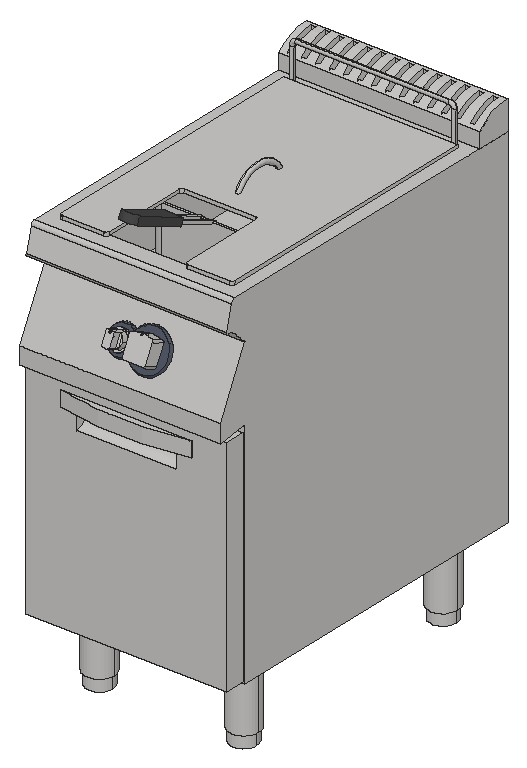
Revit family "QF_ZANUSSI_372070_Z7FRGD1GF0", category Specialty Equipment, Revit 2018
Family settings
  Round Connector Dimension = Use Diameter
  Part Type = Normal
  Work Plane-Based = No
  Always vertical = Yes
  Cut with Voids When Loaded = No
  Shared = No
  Room Calculation Point = No
Parameters
  Width = 400 mm  # constant formula
  Weight in Pounds = 121  # constant formula
  Weight = 0.00 kg
  Watts = 0 W
  Volts = 0 V
  URL Manufacturer = "http://www.zanussiprofessional.com"
  URL Cutsheet = "www.electrolux.com/foodservice"
  URL = "http://www.zanussiprofessional.com"
  Type Mark [instance] = ""
  Steam Supply Size = 0"
  Steam Supply Minimum Pressure = 0.00 psi
  Steam Supply Maximum Pressure = 0.00 psi
  Steam Pounds per Hour = 0
  Status [instance] = ""
  Specification by User [instance] = ""
  Specification by Manufacturer = ""
  Show Logo [instance] = yes
  Show Clearance [instance] = yes
  Serial Number = ""
  Seismic Rating = ""
  SMACNA No = ""
  Revision Code [instance] = ""
  Refrigeration Suction Line Size = 0"
  Refrigeration Liquid Line Size = 0"
  Refrigerant Compressor Remote = yes
  Phase = 0
  Omniclass Number and Title = ""
  NAFEM Spec ID Number = ""
  Model = "Z7FRGD1GF0"
  Mechanical Remarks [instance] = ""
  Mechanical Connection Type [instance] = ""
  Masterspec = ""
  Manufacturer = "Zanussi"
  Length Actual = 400 mm  # constant formula
  Item Number [instance] = "372070"
  Installed By [instance] = ""
  Identify Quantity as Lot [instance] = yes
  Hot Water Size = 0"
  Height Actual = 850 mm  # constant formula
  Height = 333 mm  # constant formula
  HP = "0 HP"
  Gas Size = 1/2"  # constant formula
  Gas RI Height [instance] = 0 mm
  Gas KW [instance] = 14  # constant formula
  Gas Input [instance] = 47726.0 Btu/h  # constant formula
  Gas Connection Height = 0 mm
  Furnished By [instance] = ""
  Foodservice Equipment Identifier [instance] = yes
  Direct Waste Size = 0"
  Description = "15 LITRE GAS FRYER 400 MM"
  Depth Actual = 700 mm  # constant formula
  Depth = 715 mm  # constant formula
  Cycle = 0 Hz
  Condensate Return Size = 0"
  Compressed Air Volume = 0 GPM
  Compressed Air Size = 0"
  Compressed Air Pressure = 0.00 psi
  Cold Water Size = 0"
  CSI MasterFormat = ""
  CSI Master Format = ""
  Base Height [instance] = 150 mm  # constant formula
  Accessory = yes
Reference planes
  plane 1 "BACK": y = 0
  plane 2: z = 0
  plane 3 "LEFT": x = 0
  plane 4 "RIGHT": x = 400
  plane 5 "FRONT": y = -715
  plane 6 "TOP": z = 908
  plane 7 "Center Y": x = 200
  plane 8 "Center X": y = -357.5
  plane 9 "BASE": z = 600
  plane 10 "TOP A": z = 850
  plane 11: y = -587.387
  plane 12: y = -90
  plane 13: z = 150
  plane 14: x = 177.499
Forms (mm)
  Extrusion 1, solid, material "QF_Finishes_Stainless Steel"
    sketch origin (0, 0, 0) x (0, 1, 0) y (0, 0, 1)
      loop
        line (0, 850) -> (-679.358, 850)
        arc (-679.358, 850) -> (-684.643, 847.811) -> (-686.833, 842.526) r 7.474
        line (-686.833, 842.526) -> (-699.884, 797.011)
        arc (-699.884, 797.011) -> (-699.396, 794.379) -> (-697, 793.184) r 3
        line (-697, 793.184) -> (-686.802, 793.184) -> (-654.982, 761.364) -> (-715, 640.508) -> (-715, 605.508) -> (-658.645, 613.428)
        arc (-658.645, 613.428) -> (-656.101, 612.674) -> (-655, 610.259) r 3.2
        line (-655, 610.259) -> (-655, 150) -> (0, 150) -> (0, 850)
      loop
        line (-700, 600) -> (-700, 155) -> (-660, 155) -> (-660, 600) -> (-700, 600)
    from 0 to 400
  Extrusion 2, solid, material "QF_Finishes_Stainless Steel"
    sketch origin (0, 0, 0) x (0, 1, 0) y (0, 0, 1)
      loop
        line (0, 850) -> (0, 908)
        arc (0, 908) -> (-37.814, 900.997) -> (-69.85, 879.723) r 96.057
        line (-69.85, 879.723) -> (-69.85, 850) -> (0, 850)
    from 0 to 400
  Extrusion 3, void
    sketch origin (0, 0, 850) x (-1, 0, 0) y (0, -1, 0)
      loop
        line (-33.338, 90.124) -> (-33.338, 645.265) -> (-366.662, 645.265) -> (-366.662, 90.124) -> (-33.338, 90.124)
    from 0 to -152.4
  Extrusion 4, solid, material "QF_Finishes_Stainless Steel"
    sketch origin (0, 0, 850) x (-1, 0, 0) y (0, -1, 0)
      loop
        arc (-26.988, 645.265) -> (-28.847, 649.755) -> (-33.338, 651.615) r 6.35
        line (-33.338, 651.615) -> (-115.863, 651.615)
        arc (-115.863, 651.615) -> (-120.353, 649.755) -> (-122.213, 645.265) r 6.35
        line (-122.213, 645.265) -> (-122.213, 473.512)
        arc (-122.213, 473.512) -> (-124.072, 469.021) -> (-128.563, 467.162) r 6.35
        line (-128.563, 467.162) -> (-271.437, 467.162)
        arc (-271.437, 467.162) -> (-275.928, 469.021) -> (-277.787, 473.512) r 6.35
        line (-277.787, 473.512) -> (-277.787, 645.29)
        arc (-277.787, 645.29) -> (-279.64, 649.762) -> (-284.113, 651.615) r 6.325
        line (-284.113, 651.615) -> (-366.663, 651.615)
        arc (-366.663, 651.615) -> (-371.153, 649.755) -> (-373.013, 645.265) r 6.35
        line (-373.013, 645.265) -> (-373.013, 90.124) -> (-26.988, 90.124) -> (-26.988, 645.265)
    from 0 to 6.35
  Sweep 5, solid, material "QF_Finishes_Stainless Steel"
    path origin (200, 0, 0) x (0, 1, 0) y (0, 0, 1)
      loop
        arc (-315.761, 850) -> (-370.2, 883.779) -> (-424.639, 850) r 60.757
    profile origin (200, -370.2, 883.779) x (0, 0, -1) y (1, 0, 0)
      loop
        circle (0, 0) r 4.353
  Sweep 6, solid, material "QF_Finishes_Stainless Steel"
    path origin (0, 0, 0) x (1, 0, 0) y (0, 0, 1)
      loop
        line (39.688, 846.263) -> (39.688, 914.35)
        arc (39.688, 914.35) -> (41.547, 918.84) -> (46.038, 920.7) r 6.35
        line (46.038, 920.7) -> (352.225, 920.7)
        arc (352.225, 920.7) -> (356.715, 918.84) -> (358.575, 914.35) r 6.35
        line (358.575, 914.35) -> (358.575, 846.263)
    profile origin (39.688, 0, 880.306) x (-1, 0, 0) y (0, -1, 0)
      loop
        circle (2.09, 83.254) r 3.827
  Extrusion 7, void
    sketch origin (0, 0, 850) x (-1, 0, 0) y (0, -1, 0)
      loop
        line (-13.453, 6.761) -> (-13.453, 63.911) -> (-22.749, 63.911) -> (-22.749, 6.761) -> (-13.453, 6.761)
    from 25.4 to 63.5
  Extrusion 8, void
    sketch origin (400.05, 0, 850) x (1, 0, 0) y (0, 1, 0)
      loop
        line (-13.503, -6.761) -> (-22.799, -6.761) -> (-22.799, -63.911) -> (-13.503, -63.911) -> (-13.503, -6.761)
    from 25.4 to 63.5
  Extrusion 9, void
    sketch origin (27.988, 0, 850) x (-1, 0, 0) y (0, -1, 0)
      loop
        line (-13.453, 6.761) -> (-13.453, 63.911) -> (-22.749, 63.911) -> (-22.749, 6.761) -> (-13.453, 6.761)
    from 25.4 to 63.5
  Extrusion 10, void
    sketch origin (55.977, 0, 850) x (-1, 0, 0) y (0, -1, 0)
      loop
        line (-13.453, 6.761) -> (-13.453, 63.911) -> (-22.749, 63.911) -> (-22.749, 6.761) -> (-13.453, 6.761)
    from 25.4 to 63.5
  Extrusion 11, void
    sketch origin (83.965, 0, 850) x (-1, 0, 0) y (0, -1, 0)
      loop
        line (-13.428, 6.761) -> (-13.428, 63.911) -> (-22.724, 63.911) -> (-22.724, 6.761) -> (-13.428, 6.761)
    from 25.4 to 63.5
  Extrusion 12, void
    sketch origin (111.953, 0, 850) x (-1, 0, 0) y (0, -1, 0)
      loop
        line (-13.428, 6.761) -> (-13.428, 63.911) -> (-22.724, 63.911) -> (-22.724, 6.761) -> (-13.428, 6.761)
    from 25.4 to 63.5
  Extrusion 13, void
    sketch origin (139.942, 0, 850) x (-1, 0, 0) y (0, -1, 0)
      loop
        line (-13.428, 6.761) -> (-13.428, 63.911) -> (-22.724, 63.911) -> (-22.724, 6.761) -> (-13.428, 6.761)
    from 25.4 to 63.5
  Extrusion 14, void
    sketch origin (167.93, 0, 850) x (-1, 0, 0) y (0, -1, 0)
      loop
        line (-13.428, 6.761) -> (-13.428, 63.911) -> (-22.724, 63.911) -> (-22.724, 6.761) -> (-13.428, 6.761)
    from 25.4 to 63.5
  Extrusion 15, void
    sketch origin (195.918, 0, 850) x (-1, 0, 0) y (0, -1, 0)
      loop
        line (-13.428, 6.761) -> (-13.428, 63.911) -> (-22.724, 63.911) -> (-22.724, 6.761) -> (-13.428, 6.761)
    from 25.4 to 63.5
  Extrusion 16, void
    sketch origin (223.907, 0, 850) x (-1, 0, 0) y (0, -1, 0)
      loop
        line (-13.428, 6.761) -> (-13.428, 63.911) -> (-22.724, 63.911) -> (-22.724, 6.761) -> (-13.428, 6.761)
    from 25.4 to 63.5
  Extrusion 17, void
    sketch origin (251.895, 0, 850) x (-1, 0, 0) y (0, -1, 0)
      loop
        line (-13.428, 6.761) -> (-13.428, 63.911) -> (-22.724, 63.911) -> (-22.724, 6.761) -> (-13.428, 6.761)
    from 25.4 to 63.5
  Extrusion 18, void
    sketch origin (279.884, 0, 850) x (-1, 0, 0) y (0, -1, 0)
      loop
        line (-13.403, 6.761) -> (-13.403, 63.911) -> (-22.699, 63.911) -> (-22.699, 6.761) -> (-13.403, 6.761)
    from 25.4 to 63.5
  Extrusion 19, void
    sketch origin (307.872, 0, 850) x (-1, 0, 0) y (0, -1, 0)
      loop
        line (-13.403, 6.761) -> (-13.403, 63.911) -> (-22.699, 63.911) -> (-22.699, 6.761) -> (-13.403, 6.761)
    from 25.4 to 63.5
  Extrusion 20, void
    sketch origin (335.86, 0, 850) x (-1, 0, 0) y (0, -1, 0)
      loop
        line (-13.403, 6.761) -> (-13.403, 63.911) -> (-22.699, 63.911) -> (-22.699, 6.761) -> (-13.403, 6.761)
    from 25.4 to 63.5
  Extrusion 21, solid, material "QF_Finishes_Clearance", visible <- "Show Clearance", detail levels coarse
    sketch origin (0, 0, 0) x (1, 0, 0) y (0, 1, 0)
      loop
        line (0, -715) -> (0, 0) -> (400, 0) -> (400, -715) -> (550.019, -715) -> (550.019, 150.019) -> (-150.019, 150.019) -> (-150.019, -715) -> (0, -715)
    from 0 to 908
  Extrusion 22, solid, material "QF_Finishes_Black"
    sketch origin (265.962, -698.333, 942.26) x (0, 0.906308, -0.422618) y (-1, 0, 0)
      loop
        line (10.103, 47.345) -> (128.716, 47.345) -> (128.716, 84.58) -> (10.103, 84.58)
        arc (10.103, 84.58) -> (-0.124, 65.962) -> (10.103, 47.345) r 22.059
    from -15.884 to 0
  Extrusion 23, solid, material "QF_Finishes_Stainless Steel"
    sketch origin (265.962, 41.275, 0) x (0, 1, 0) y (0, 0, 1)
      loop
        line (-537.413, 741) -> (-537.413, 842.478) -> (-624.966, 883.305) -> (-627.65, 877.55) -> (-543.763, 838.433) -> (-543.763, 741) -> (-537.413, 741)
    from -80.476 to -74.619
  Extrusion 24, solid, material "QF_Finishes_Stainless Steel"
    sketch origin (134.088, 41.275, 0) x (0, 1, 0) y (0, 0, -1)
      loop
        line (-543.763, -838.433) -> (-627.65, -877.55) -> (-624.966, -883.305) -> (-537.413, -842.478) -> (-537.413, -741) -> (-543.763, -741) -> (-543.763, -838.433)
    from -80.476 to -74.619
  Extrusion 25, solid, material "QF_Finishes_Mesh"
    sketch origin (0, 0, 850) x (-1, 0, 0) y (0, -1, 0)
      loop
        arc (-116.6, 131.498) -> (-98.64, 138.937) -> (-91.2, 156.898) r 25.4
        line (-91.2, 156.898) -> (-91.2, 481.235)
        arc (-91.2, 481.235) -> (-98.64, 499.196) -> (-116.6, 506.635) r 25.4
        line (-116.6, 506.635) -> (-294.375, 506.635)
        arc (-294.375, 506.635) -> (-312.336, 499.196) -> (-319.775, 481.235) r 25.4
        line (-319.775, 481.235) -> (-319.775, 156.898)
        arc (-319.775, 156.898) -> (-312.336, 138.937) -> (-294.375, 131.498) r 25.4
        line (-294.375, 131.498) -> (-116.6, 131.498)
      loop
        arc (-116.6, 134.673) -> (-100.885, 141.182) -> (-94.375, 156.898) r 22.225
        line (-94.375, 156.898) -> (-94.375, 481.235)
        arc (-94.375, 481.235) -> (-100.885, 496.951) -> (-116.6, 503.46) r 22.225
        line (-116.6, 503.46) -> (-294.375, 503.46)
        arc (-294.375, 503.46) -> (-310.091, 496.951) -> (-316.6, 481.235) r 22.225
        line (-316.6, 481.235) -> (-316.6, 156.898)
        arc (-316.6, 156.898) -> (-310.091, 141.182) -> (-294.375, 134.673) r 22.225
        line (-294.375, 134.673) -> (-116.6, 134.673)
    from -109 to -5.315
  Revolve 26, solid, material "QF_Finishes_Stainless Steel"
    sketch origin (0, -587.387, 608.09) x (0, 0, 1) y (-1, 0, 0)
      loop
        line (-608.09, -56) -> (-458.09, -56) -> (-458.09, -26) -> (-583.09, -26) -> (-583.09, -29.75) -> (-608.09, -29.75) -> (-608.09, -56)
      axis (-608.09, -56) -> (-458.09, -56)
    angle from 0 to 360
  Revolve 27, solid, material "QF_Finishes_Stainless Steel"
    sketch origin (400.05, -587.387, 608.09) x (0, 0, 1) y (-1, 0, 0)
      loop
        line (-608.09, 56.05) -> (-608.09, 29.8) -> (-583.09, 29.8) -> (-583.09, 26.05) -> (-458.09, 26.05) -> (-458.09, 56.05) -> (-608.09, 56.05)
      axis (-608.09, 56.05) -> (-458.09, 56.05)
    angle from 0 to 360
  Revolve 28, solid, material "QF_Finishes_Stainless Steel"
    sketch origin (0, -90, 608.09) x (0, 0, 1) y (-1, 0, 0)
      loop
        line (-608.09, -56) -> (-458.09, -56) -> (-458.09, -26) -> (-583.09, -26) -> (-583.09, -29.75) -> (-608.09, -29.75) -> (-608.09, -56)
      axis (-608.09, -56) -> (-458.09, -56)
    angle from 0 to 360
  Revolve 29, solid, material "QF_Finishes_Stainless Steel"
    sketch origin (400.05, -90, 608.09) x (0, 0, 1) y (-1, 0, 0)
      loop
        line (-608.09, 56.05) -> (-608.09, 29.8) -> (-583.09, 29.8) -> (-583.09, 26.05) -> (-458.09, 26.05) -> (-458.09, 56.05) -> (-608.09, 56.05)
      axis (-608.09, 56.05) -> (-458.09, 56.05)
    angle from 0 to 360
  Extrusion 30, solid, material "QF_Finishes_Stainless Steel"
    sketch origin (-77.88, -4572, 150) x (-1, 0, 0) y (0, -1, 0)
      loop
        circle (-425.88, -4067) r 6.35
    from 0 to -12.7
  Extrusion 31, solid, material "QF_Finishes_Door Clearance", visible <- "Show Clearance", detail levels coarse
    sketch origin (0, 0, 870) x (-1, 0, 0) y (0, -1, 0)
      loop
        line (-400, 1072.137) -> (-400, 672.137) -> (0, 672.137)
        arc (0, 672.137) -> (-117.157, 954.98) -> (-400, 1072.137) r 400
    from -715 to -270
  Extrusion 32, solid, material "QF_Finishes_Stainless Steel"
    sketch origin (-77.88, -4572, 150) x (-1, 0, 0) y (0, -1, 0)
      loop
        arc (-147.606, -3871.085) -> (-277.88, -3857) -> (-408.153, -3871.085) r 609.497
        line (-408.153, -3871.085) -> (-408.153, -3872) -> (-147.606, -3872) -> (-147.606, -3871.085)
    from 400 to 430
  Extrusion 33, void
    sketch origin (200, -27.863, 0) x (0, 1, 0) y (0, 0, 1)
      loop
        line (-672.137, 567) -> (-672.137, 517)
        arc (-672.137, 517) -> (-656.47, 524.721) -> (-650.137, 541) r 24.091
        line (-650.137, 541) -> (-650.137, 567) -> (-672.137, 567)
    from -100 to 100
  Blend 34, solid, material "QF_Finishes_Navy Blue"
    base sketch origin (235, -684.991, 700.936) x (1, 0, 0) y (0, 0.444781, 0.895639)
      loop
        arc (-35.05, -24.037) -> (42.5, 0) -> (-35.05, 24.037) r 42.5
        arc (-35.05, 24.037) -> (-83, 0) -> (-35.05, -24.037) r 30
    top sketch origin (235, -684.991, 700.936) x (1, 0, 0) y (0, 0.444781, 0.895639)
      loop
        arc (-34.578, -21.086) -> (40.5, 0) -> (-34.578, 21.086) r 40.5
        arc (-34.578, 21.086) -> (-81, 0) -> (-34.578, -21.086) r 28
    from 0 to 5
  Extrusion 35, solid, material "QF_Finishes_Stainless Steel"
    sketch origin (2.5, -684.991, 700.936) x (1, 0, 0) y (0, 0.444781, 0.895639)
      loop
        circle (177.499, -0.341) r 20
    from 5 to 10
  Extrusion 36, solid, material "QF_Finishes_Stainless Steel"
    sketch origin (2.5, -684.991, 700.936) x (1, 0, 0) y (0, 0.444781, 0.895639)
      loop
        arc (211.353, 22.789) -> (210.006, 21.685) -> (209.5, 20.019) r 2.997
        line (209.5, 20.019) -> (209.5, -20.019)
        arc (209.5, -20.019) -> (210.378, -22.138) -> (212.497, -23.016) r 2.997
        line (212.497, -23.016) -> (252.503, -23.016)
        arc (252.503, -23.016) -> (254.622, -22.138) -> (255.5, -20.019) r 2.997
        line (255.5, -20.019) -> (255.5, 20.019)
        arc (255.5, 20.019) -> (254.994, 21.685) -> (253.647, 22.789) r 2.997
        arc (253.647, 22.789) -> (232.5, 26.984) -> (211.353, 22.789) r 55.4
    from 5 to 34
  Extrusion 37, solid, material "QF_Finishes_Stainless Steel"
    sketch origin (2.5, -684.991, 700.936) x (1, 0, 0) y (0, 0.444781, 0.895639)
      loop
        circle (177.499, -0.341) r 16
    from 10 to 40
  Extrusion 38, void
    sketch origin (235, -684.991, 700.936) x (1, 0, 0) y (0, -0.895639, 0.444781)
      loop
        line (-62.999, 24.837) -> (-62.999, 40) -> (-71.893, 40) -> (-71.893, 22) -> (-65.835, 22)
        arc (-65.835, 22) -> (-63.827, 22.828) -> (-62.999, 24.837) r 2.827
      loop
        arc (-47.003, 24.837) -> (-46.175, 22.828) -> (-44.167, 22) r 2.827
        line (-44.167, 22) -> (-38.109, 22) -> (-38.109, 40) -> (-47.003, 40) -> (-47.003, 24.837)
    from -20.019 to 20.019
  Extrusion 39, solid, material "QF_Plastic-Black-Matte"
    sketch origin (292.5, -684.991, 700.936) x (0, 0.444781, 0.895639) y (0, -0.895639, 0.444781)
      loop
        line (26.984, 34) -> (26.984, 19) -> (27.984, 19) -> (27.984, 34)
        arc (27.984, 34) -> (27.691, 34.707) -> (26.984, 35) r 1
        line (26.984, 35) -> (23.984, 35) -> (23.984, 34) -> (26.984, 34)
    from -58.5 to -56.5
  Extrusion 40, solid, material "QF_Plastic-Black-Matte"
    sketch origin (179.999, -818.425, 432.244) x (0, -0.444781, -0.895639) y (0, -0.895639, 0.444781)
      loop
        line (-310.284, 39.984) -> (-310.284, 40.984) -> (-312.9, 40.984)
        arc (-312.9, 40.984) -> (-315.562, 39.882) -> (-316.664, 37.22) r 3.764
        line (-316.664, 37.22) -> (-316.664, 25.027) -> (-315.664, 25.027) -> (-315.664, 37.22)
        arc (-315.664, 37.22) -> (-314.855, 39.175) -> (-312.9, 39.984) r 2.764
        line (-312.9, 39.984) -> (-310.284, 39.984)
    from 1 to -1
Cuts and joins
  Extrusion 3, Extrusion 7, Extrusion 33 cuts Extrusion 1
  joined: Extrusion 4, Sweep 5
  Extrusion 7, Extrusion 8, Extrusion 9, Extrusion 10, Extrusion 11, Extrusion 12, Extrusion 13, Extrusion 14, Extrusion 15, Extrusion 16, Extrusion 17, Extrusion 18, Extrusion 19, Extrusion 20 cuts Extrusion 2
  Extrusion 38 cuts Extrusion 37
Lines and regions (mm)
  Split face 1
    outline origin (235, -689.469, 703.16) x (1, 0, 0) y (0, 0.444781, 0.895639)
      loop
        circle (0, 33) r 1
  Split face 2
    outline origin (235, -689.469, 703.16) x (1, 0, 0) y (0, 0.444781, 0.895639)
      loop
        circle (-8.541, 31.876) r 1
  Split face 3
    outline origin (235, -689.469, 703.16) x (1, 0, 0) y (0, 0.444781, 0.895639)
      loop
        circle (-16.5, 28.579) r 1
  Split face 4
    outline origin (235, -689.469, 703.16) x (1, 0, 0) y (0, 0.444781, 0.895639)
      loop
        circle (-23.335, 23.335) r 1
  Split face 5
    outline origin (235, -689.469, 703.16) x (1, 0, 0) y (0, 0.444781, 0.895639)
      loop
        circle (-28.579, 16.5) r 1
  Split face 6
    outline origin (235, -689.469, 703.16) x (1, 0, 0) y (0, 0.444781, 0.895639)
      loop
        circle (-31.876, 8.541) r 1
  Split face 7
    outline origin (235, -689.469, 703.16) x (1, 0, 0) y (0, 0.444781, 0.895639)
      loop
        circle (-33, 0) r 1
  Split face 8
    outline origin (235, -689.469, 703.16) x (-1, 0, 0) y (0, 0.444781, 0.895639)
      loop
        circle (-8.541, 31.876) r 1
  Split face 9
    outline origin (235, -689.469, 703.16) x (-1, 0, 0) y (0, 0.444781, 0.895639)
      loop
        circle (-16.5, 28.579) r 1
  Split face 10
    outline origin (235, -689.469, 703.16) x (-1, 0, 0) y (0, 0.444781, 0.895639)
      loop
        circle (-23.335, 23.335) r 1
  Split face 11
    outline origin (235, -689.469, 703.16) x (-1, 0, 0) y (0, 0.444781, 0.895639)
      loop
        circle (-28.579, 16.5) r 1
  Split face 12
    outline origin (235, -689.469, 703.16) x (-1, 0, 0) y (0, 0.444781, 0.895639)
      loop
        circle (-31.876, 8.541) r 1
  Split face 13
    outline origin (235, -689.469, 703.16) x (1, 0, 0) y (0, -0.444781, -0.895639)
      loop
        circle (0, 33) r 1
  Split face 14
    outline origin (235, -689.469, 703.16) x (1, 0, 0) y (0, -0.444781, -0.895639)
      loop
        circle (-8.541, 31.876) r 1
  Split face 15
    outline origin (235, -689.469, 703.16) x (1, 0, 0) y (0, -0.444781, -0.895639)
      loop
        circle (-16.5, 28.579) r 1
  Split face 16
    outline origin (235, -689.469, 703.16) x (1, 0, 0) y (0, -0.444781, -0.895639)
      loop
        circle (-23.335, 23.335) r 1
  Split face 17
    outline origin (235, -689.469, 703.16) x (1, 0, 0) y (0, -0.444781, -0.895639)
      loop
        circle (-28.579, 16.5) r 1
  Split face 18
    outline origin (235, -689.469, 703.16) x (1, 0, 0) y (0, -0.444781, -0.895639)
      loop
        circle (-31.876, 8.541) r 1
  Split face 19
    outline origin (235, -689.469, 703.16) x (-1, 0, 0) y (0, -0.444781, -0.895639)
      loop
        circle (-8.541, 31.876) r 1
  Split face 20
    outline origin (235, -689.469, 703.16) x (-1, 0, 0) y (0, -0.444781, -0.895639)
      loop
        circle (-16.5, 28.579) r 1
  Split face 21
    outline origin (235, -689.469, 703.16) x (-1, 0, 0) y (0, -0.444781, -0.895639)
      loop
        circle (-23.335, 23.335) r 1
  Split face 22
    outline origin (235, -689.469, 703.16) x (-1, 0, 0) y (0, -0.444781, -0.895639)
      loop
        circle (-28.579, 16.5) r 1
  Split face 23
    outline origin (235, -689.469, 703.16) x (-1, 0, 0) y (0, -0.444781, -0.895639)
      loop
        circle (-31.876, 8.541) r 1
  Split face 24
    outline origin (235, -689.469, 703.16) x (1, 0, 0) y (0, 0.444781, 0.895639)
      loop
        circle (33, 0) r 1
  Split face 25
    outline origin (235, -689.469, 703.16) x (1, 0, 0) y (0, 0.444781, 0.895639)
      loop
        circle (-55.001, 22) r 1.508
  Split face 26
    outline origin (236.126, -685.216, 711.725) x (1, 0, 0) y (0, 0.444781, 0.895639)
      loop
        circle (-77.001, 0) r 1.343
  Split face 27
    outline origin (235, -689.469, 703.16) x (1, 0, 0) y (0, 0.444781, 0.895639)
      loop
        line (-56.273, -20.786) -> (-56.273, -25.164) -> (-53.729, -25.164) -> (-53.729, -20.786) -> (-56.273, -20.786)
  Split face 28
    outline origin (235, -689.469, 703.16) x (1, 0, 0) y (0, 0.444781, 0.895639)
      loop
        line (-70.261, 16.732) -> (-67.433, 19.559) -> (-71.077, 17.548) -> (-70.261, 16.732)
  symbolic lines, style "QF-Clearances", visible <- "Show Clearance", detail levels coarse
    curve 1: line (-150.019, 150.019, 850) -> (-150.019, -716.377, 850)
    curve 2: line (550.019, 150.019, 850) -> (-150.019, 150.019, 850)
    curve 3: line (550.019, -716.377, 850) -> (550.019, 150.019, 850)
  symbolic lines
    curve 4: line (0, 0, 850) -> (400, 0, 850)
    curve 5: line (0, -715, 850) -> (0, 0, 850)
    curve 6: line (400, 0, 850) -> (400, -715, 850)
    curve 7: line (22.724, -6.761, 850) -> (22.724, -63.911, 850)
    curve 8: line (22.724, -63.911, 850) -> (13.428, -63.911, 850)
    curve 9: line (13.428, -63.911, 850) -> (13.428, -6.761, 850)
    curve 10: line (13.428, -6.761, 850) -> (22.724, -6.761, 850)
    curve 11: line (386.547, -6.761, 850) -> (386.547, -63.911, 850)
    curve 12: line (386.547, -63.911, 850) -> (377.251, -63.911, 850)
    curve 13: line (377.251, -63.911, 850) -> (377.251, -6.761, 850)
    curve 14: line (377.251, -6.761, 850) -> (386.547, -6.761, 850)
    curve 15: line (50.712, -6.761, 850) -> (50.712, -63.911, 850)
    curve 16: line (50.712, -63.911, 850) -> (41.416, -63.911, 850)
    curve 17: line (41.416, -63.911, 850) -> (41.416, -6.761, 850)
    curve 18: line (41.416, -6.761, 850) -> (50.712, -6.761, 850)
    curve 19: line (78.7, -6.761, 850) -> (78.7, -63.911, 850)
    curve 20: line (78.7, -63.911, 850) -> (69.405, -63.911, 850)
    curve 21: line (69.405, -63.911, 850) -> (69.405, -6.761, 850)
    curve 22: line (69.405, -6.761, 850) -> (78.7, -6.761, 850)
    curve 23: line (106.689, -6.761, 850) -> (106.689, -63.911, 850)
    curve 24: line (106.689, -63.911, 850) -> (97.393, -63.911, 850)
    curve 25: line (97.393, -63.911, 850) -> (97.393, -6.761, 850)
    curve 26: line (97.393, -6.761, 850) -> (106.689, -6.761, 850)
    curve 27: line (134.677, -6.761, 850) -> (134.677, -63.911, 850)
    curve 28: line (134.677, -63.911, 850) -> (125.381, -63.911, 850)
    curve 29: line (125.381, -63.911, 850) -> (125.381, -6.761, 850)
    curve 30: line (125.381, -6.761, 850) -> (134.677, -6.761, 850)
    curve 31: line (162.665, -6.761, 850) -> (162.665, -63.911, 850)
    curve 32: line (162.665, -63.911, 850) -> (153.37, -63.911, 850)
    curve 33: line (153.37, -63.911, 850) -> (153.37, -6.761, 850)
    curve 34: line (153.37, -6.761, 850) -> (162.665, -6.761, 850)
    curve 35: line (190.654, -6.761, 850) -> (190.654, -63.911, 850)
    curve 36: line (190.654, -63.911, 850) -> (181.358, -63.911, 850)
    curve 37: line (181.358, -63.911, 850) -> (181.358, -6.761, 850)
    curve 38: line (181.358, -6.761, 850) -> (190.654, -6.761, 850)
    curve 39: line (218.642, -6.761, 850) -> (218.642, -63.911, 850)
    curve 40: line (218.642, -63.911, 850) -> (209.346, -63.911, 850)
    curve 41: line (209.346, -63.911, 850) -> (209.346, -6.761, 850)
    curve 42: line (209.346, -6.761, 850) -> (218.642, -6.761, 850)
    curve 43: line (246.605, -6.761, 850) -> (246.605, -63.911, 850)
    curve 44: line (246.605, -63.911, 850) -> (237.31, -63.911, 850)
    curve 45: line (237.31, -63.911, 850) -> (237.31, -6.761, 850)
    curve 46: line (237.31, -6.761, 850) -> (246.605, -6.761, 850)
    curve 47: line (274.594, -6.761, 850) -> (274.594, -63.911, 850)
    curve 48: line (274.594, -63.911, 850) -> (265.298, -63.911, 850)
    curve 49: line (265.298, -63.911, 850) -> (265.298, -6.761, 850)
    curve 50: line (265.298, -6.761, 850) -> (274.594, -6.761, 850)
    curve 51: line (302.582, -6.761, 850) -> (302.582, -63.911, 850)
    curve 52: line (302.582, -63.911, 850) -> (293.286, -63.911, 850)
    curve 53: line (293.286, -63.911, 850) -> (293.286, -6.761, 850)
    curve 54: line (293.286, -6.761, 850) -> (302.582, -6.761, 850)
    curve 55: line (330.57, -6.761, 850) -> (330.57, -63.911, 850)
    curve 56: line (330.57, -63.911, 850) -> (321.275, -63.911, 850)
    curve 57: line (321.275, -63.911, 850) -> (321.275, -6.761, 850)
    curve 58: line (321.275, -6.761, 850) -> (330.57, -6.761, 850)
    curve 59: line (358.559, -6.761, 850) -> (358.559, -63.911, 850)
    curve 60: line (358.559, -63.911, 850) -> (349.263, -63.911, 850)
    curve 61: line (349.263, -63.911, 850) -> (349.263, -6.761, 850)
    curve 62: line (349.263, -6.761, 850) -> (358.559, -6.761, 850)
    curve 63: line (26.988, -90.124, 850) -> (26.988, -645.265, 850)
    curve 64: arc (26.988, -645.265, 850) -> (28.847, -649.755, 850) -> (33.338, -651.615, 850) r 6.35
    curve 65: line (33.338, -651.615, 850) -> (115.863, -651.615, 850)
    curve 66: arc (115.863, -651.615, 850) -> (120.353, -649.755, 850) -> (122.213, -645.265, 850) r 6.35
    curve 67: line (122.213, -645.265, 850) -> (122.213, -473.512, 850)
    curve 68: arc (122.213, -473.512, 850) -> (124.072, -469.021, 850) -> (128.563, -467.162, 850) r 6.35
    curve 69: line (128.563, -467.162, 850) -> (271.437, -467.162, 850)
    curve 70: arc (271.437, -467.162, 850) -> (275.928, -469.021, 850) -> (277.787, -473.512, 850) r 6.35
    curve 71: line (277.787, -473.512, 850) -> (277.787, -645.265, 850)
    curve 72: arc (277.787, -645.265, 850) -> (279.64, -649.737, 850) -> (284.113, -651.59, 850) r 6.325
    curve 73: line (284.113, -651.59, 850) -> (366.663, -651.59, 850)
    curve 74: arc (366.663, -651.59, 850) -> (371.153, -649.73, 850) -> (373.013, -645.24, 850) r 6.35
    curve 75: line (373.013, -645.24, 850) -> (373.013, -90.124, 850)
    curve 76: line (373.013, -90.124, 850) -> (26.988, -90.124, 850)
    curve 77: line (31.725, -69.85, 850) -> (0, -69.85, 850)
    curve 78: line (0, -69.85, 850) -> (0, -63.012, 850)
    curve 79: line (0, -69.85, 850) -> (400, -69.85, 850)
    curve 80: line (201.587, -90.124, 850) -> (366.663, -90.124, 850)
    curve 81: line (33.313, -90.124, 850) -> (198.412, -90.124, 850)
    curve 82: line (218.617, -695.889, 850) -> (218.617, -581.677, 850)
    curve 83: line (181.383, -581.677, 850) -> (181.383, -695.889, 850)
    curve 84: line (218.617, -581.677, 850) -> (181.383, -581.677, 850)
    curve 85: spline (218.617, -695.889, 850) -> (216.385, -698.551, 850) -> (213.694, -700.839, 850) -> (210.621, -702.688, 850) -> (207.25, -704.047, 850) -> (203.676, -704.878, 850) -> (200, -705.158, 850) -> (196.324, -704.878, 850) -> (192.75, -704.047, 850) -> (189.379, -702.688, 850) -> (186.306, -700.839, 850) -> (183.615, -698.551, 850) -> (181.383, -695.889, 850)
    curve 86: line (218.617, -645.265, 850) -> (277.787, -645.265, 850)
    curve 87: line (181.383, -645.265, 850) -> (122.213, -645.265, 850)
    curve 88: line (191.318, -499.01, 850) -> (191.318, -581.677, 850)
    curve 89: line (185.462, -581.677, 850) -> (185.462, -499.01, 850)
    curve 90: line (214.538, -499.01, 850) -> (214.538, -581.677, 850)
    curve 91: line (208.682, -581.677, 850) -> (208.682, -499.01, 850)
    curve 92: spline (181.383, -689.176, 850) -> (183.615, -691.839, 850) -> (186.306, -694.126, 850) -> (189.379, -695.976, 850) -> (192.75, -697.335, 850) -> (196.324, -698.166, 850) -> (200, -698.445, 850) -> (203.676, -698.166, 850) -> (207.25, -697.335, 850) -> (210.621, -695.976, 850) -> (213.694, -694.126, 850) -> (216.385, -691.839, 850) -> (218.617, -689.176, 850)
    curve 93: line (195.545, -420.932, 850) -> (195.545, -319.469, 850)
    curve 94: line (204.443, -319.469, 850) -> (204.443, -420.932, 850)
    curve 95: arc (195.545, -420.932, 850) -> (199.994, -425.382, 850) -> (204.443, -420.932, 850) r 4.449
    curve 96: arc (195.545, -319.469, 850) -> (199.994, -315.02, 850) -> (204.443, -319.469, 850) r 4.449
    curve 97: line (37.573, -79.289, 850) -> (362.402, -79.289, 850)
    curve 98: line (37.573, -86.944, 850) -> (37.573, -79.289, 850)
    curve 99: line (362.402, -86.944, 850) -> (37.573, -86.944, 850)
    curve 100: line (362.402, -79.289, 850) -> (362.402, -86.944, 850)
    curve 101: line (122.213, -499.01, 850) -> (277.787, -499.01, 850)
    curve 102: line (122.213, -495.835, 850) -> (277.787, -495.835, 850)
    curve 105: line (212, -701.86, 0) -> (212, -724.347, 0)
    curve 106: arc (212, -724.347, 0) -> (212.146, -724.811, 0) -> (212.532, -725.107, 0) r 0.809
    curve 107: arc (212.532, -725.107, 0) -> (213.72, -725.587, 0) -> (214.997, -725.68, 0) r 4.127
    curve 108: arc (212, -704.292, 0) -> (210.558, -703.841, 0) -> (209.134, -703.339, 0) r 42.24
    curve 109: arc (212, -706.539, 0) -> (212.502, -705.818, 0) -> (213.299, -705.448, 0) r 1.682
    curve 110: arc (213.299, -705.448, 0) -> (223.602, -703.95, 0) -> (234, -703.441, 0) r 109.079
    curve 111: line (234, -700, 0) -> (234, -705.671, 0)
    curve 112: line (234, -705.671, 0) -> (236, -705.671, 0)
    curve 113: line (236, -705.671, 0) -> (236, -700, 0)
    curve 114: line (258, -700, 0) -> (258, -724.347, 0)
    curve 115: arc (258, -724.347, 0) -> (257.854, -724.811, 0) -> (257.468, -725.107, 0) r 0.809
    curve 116: arc (257.468, -725.107, 0) -> (256.28, -725.587, 0) -> (255.003, -725.68, 0) r 4.127
    curve 117: arc (258, -704.292, 0) -> (263.041, -702.458, 0) -> (267.809, -700, 0) r 42.24
    curve 118: arc (258, -706.539, 0) -> (257.498, -705.818, 0) -> (256.701, -705.448, 0) r 1.682
    curve 119: arc (256.701, -705.448, 0) -> (246.398, -703.95, 0) -> (236, -703.441, 0) r 109.079
    curve 120: line (214.997, -725.68, 0) -> (255.003, -725.68, 0)
    curve 121: line (172.001, -725.977, 908.9) -> (172.001, -701.224, 908.9)
    curve 122: line (187.997, -701.913, 908.9) -> (187.997, -725.977, 908.9)
    curve 123: spline (169.365, -710.164, 908.9) -> (167.876, -709.491, 908.9) -> (166.601, -708.737, 908.9) -> (165.561, -707.914, 908.9) -> (164.775, -707.037, 908.9) -> (164.258, -706.121, 908.9) -> (164.017, -705.183, 908.9) -> (164.057, -704.239, 908.9) -> (164.378, -703.306, 908.9) -> (164.974, -702.4, 908.9) -> (165.834, -701.537, 908.9) -> (166.944, -700.732, 908.9) -> (168.283, -700, 908.9)
    curve 124: spline (190.574, -710.193, 908.9) -> (190.294, -710.322, 908.9) -> (190.013, -710.487, 908.9) -> (189.735, -710.686, 908.9) -> (189.465, -710.917, 908.9) -> (189.206, -711.177, 908.9) -> (188.963, -711.461, 908.9) -> (188.738, -711.765, 908.9) -> (188.535, -712.085, 908.9) -> (188.357, -712.416, 908.9) -> (188.207, -712.754, 908.9) -> (188.086, -713.094, 908.9) -> (187.997, -713.43, 908.9)
    curve 125: spline (172.001, -713.341, 908.9) -> (171.929, -712.987, 908.9) -> (171.821, -712.634, 908.9) -> (171.68, -712.286, 908.9) -> (171.507, -711.949, 908.9) -> (171.306, -711.628, 908.9) -> (171.077, -711.327, 908.9) -> (170.827, -711.051, 908.9) -> (170.556, -710.803, 908.9) -> (170.271, -710.588, 908.9) -> (169.974, -710.408, 908.9) -> (169.671, -710.266, 908.9) -> (169.365, -710.164, 908.9)
    curve 126: line (163.999, -704.847, 908.9) -> (163.999, -700, 908.9)
    curve 127: arc (172.001, -725.977, 908.9) -> (179.999, -727.063, 908.9) -> (187.997, -725.977, 908.9) r 30
    curve 128: arc (172.001, -701.224, 0) -> (171.902, -700.567, 0) -> (171.556, -700, 0) r 1.677
    curve 129: line (0, -714.992, 850) -> (172, -714.992, 850)
    curve 130: line (187.929, -714.992, 850) -> (212, -714.992, 850)
    curve 132: spline (196, -704.766, 908.9) -> (195.973, -705.276, 908.9) -> (195.863, -705.785, 908.9) -> (195.672, -706.288, 908.9) -> (195.4, -706.784, 908.9) -> (195.049, -707.27, 908.9) -> (194.62, -707.743, 908.9) -> (194.117, -708.202, 908.9) -> (193.54, -708.644, 908.9) -> (192.895, -709.066, 908.9) -> (192.182, -709.466, 908.9) -> (191.408, -709.842, 908.9) -> (190.574, -710.193, 908.9)
  symbolic lines, style "QF-Door Swings"
    curve 103: arc (2.303, -715, 850) -> (19.743, -796.254, 850) -> (53.597, -872.15, 850) r 400
    curve 104: line (53.597, -872.15, 850) -> (325.76, -715, 850)
  symbolic lines, style "SpecialityEquipment"
    curve 131: line (258, -715, 850) -> (400, -715, 850)
  model lines
    curve 133: line (0, -700, 850) -> (185.219, -700, 850)
    curve 134: line (400, -700, 850) -> (214.787, -700, 850)
Dimensions and locks
  equal spacing: plane 3 "LEFT", plane 7 "Center Y", plane 4 "RIGHT"
  "Width": plane 3 "LEFT" to plane 4 "RIGHT"
  equal spacing: plane 5 "FRONT", plane 8 "Center X", plane 1 "BACK"
  "Depth": plane 5 "FRONT" to plane 1 "BACK"
  plane 1 "BACK" to plane 5 "FRONT" = 715 mm
  plane 6 "TOP" to plane 10 "TOP A" = 58 mm
  "Base Height": plane 13 to level
  plane 10 "TOP A" to plane 13 = 700 mm
  plane 6 "TOP" to level = 908 mm
  plane 10 "TOP A" to plane 9 "BASE" = 250 mm
  aligned and locked: level to plane 2
  aligned and locked: plane 4 "RIGHT" to Extrusion 1
  aligned and locked: plane 4 "RIGHT" to Extrusion 2
  aligned and locked: plane 6 "TOP" to Extrusion 21
  aligned and locked: plane 10 "TOP A" to Extrusion 2 sketch curve
Automatic sketch dimensions
  Sweep 5 sketch curve to plane 10 "TOP A" = 0 mm  (x2)
  Sweep 5 sketch curve to plane 8 "Center X" = 67.139 mm
  Sweep 5 sketch curve to plane 8 "Center X" = 12.7 mm
  Sweep 5 sketch curve to plane 10 "TOP A" = 26.978 mm
  Sweep 5 sketch curve to plane 7 "Center Y" = 0 mm
  Sweep 5 sketch curve to profile plane = 0 mm
  plane 1 "BACK" to Extrusion 7 sketch curve = 6.761 mm
  plane 3 "LEFT" to Extrusion 7 sketch curve = 22.749 mm
  Extrusion 7 sketch curve to Extrusion 7 sketch curve = 9.296 mm
  Extrusion 7 sketch curve to Extrusion 7 sketch curve = 57.15 mm
  plane 1 "BACK" to Extrusion 9 sketch curve = 6.761 mm
  plane 3 "LEFT" to Extrusion 9 sketch curve = 50.737 mm
  Extrusion 9 sketch curve to Extrusion 9 sketch curve = 9.296 mm
  Extrusion 9 sketch curve to Extrusion 9 sketch curve = 57.15 mm
  plane 1 "BACK" to Extrusion 10 sketch curve = 6.761 mm
  plane 3 "LEFT" to Extrusion 10 sketch curve = 78.725 mm
  Extrusion 10 sketch curve to Extrusion 10 sketch curve = 9.296 mm
  Extrusion 10 sketch curve to Extrusion 10 sketch curve = 57.15 mm
  plane 1 "BACK" to Extrusion 11 sketch curve = 6.761 mm
  Extrusion 11 sketch curve to plane 7 "Center Y" = 93.311 mm
  Extrusion 11 sketch curve to Extrusion 11 sketch curve = 9.296 mm
  Extrusion 11 sketch curve to Extrusion 11 sketch curve = 57.15 mm
  plane 1 "BACK" to Extrusion 12 sketch curve = 6.761 mm
  Extrusion 12 sketch curve to plane 7 "Center Y" = 65.323 mm
  Extrusion 12 sketch curve to Extrusion 12 sketch curve = 9.296 mm
  Extrusion 12 sketch curve to Extrusion 12 sketch curve = 57.15 mm
  plane 1 "BACK" to Extrusion 13 sketch curve = 6.761 mm
  Extrusion 13 sketch curve to plane 7 "Center Y" = 37.335 mm
  Extrusion 13 sketch curve to Extrusion 13 sketch curve = 9.296 mm
  Extrusion 13 sketch curve to Extrusion 13 sketch curve = 57.15 mm
  Extrusion 14 sketch curve to plane 7 "Center Y" = 9.346 mm
  Extrusion 14 sketch curve to Extrusion 14 sketch curve = 9.296 mm
  plane 1 "BACK" to Extrusion 14 sketch curve = 6.761 mm
  Extrusion 14 sketch curve to Extrusion 14 sketch curve = 57.15 mm
  plane 1 "BACK" to Extrusion 15 sketch curve = 6.761 mm
  plane 7 "Center Y" to Extrusion 15 sketch curve = 18.642 mm
  Extrusion 15 sketch curve to Extrusion 15 sketch curve = 9.296 mm
  Extrusion 15 sketch curve to Extrusion 15 sketch curve = 57.15 mm
  plane 1 "BACK" to Extrusion 16 sketch curve = 6.761 mm
  plane 7 "Center Y" to Extrusion 16 sketch curve = 46.63 mm
  Extrusion 16 sketch curve to Extrusion 16 sketch curve = 9.296 mm
  Extrusion 16 sketch curve to Extrusion 16 sketch curve = 57.15 mm
  plane 1 "BACK" to Extrusion 17 sketch curve = 6.761 mm
  plane 7 "Center Y" to Extrusion 17 sketch curve = 74.619 mm
  Extrusion 17 sketch curve to Extrusion 17 sketch curve = 9.296 mm
  Extrusion 17 sketch curve to Extrusion 17 sketch curve = 57.15 mm
  Extrusion 22 sketch curve to plane 7 "Center Y" = 0 mm
  plane 7 "Center Y" to Extrusion 22 sketch curve = 18.617 mm
  Extrusion 22 sketch curve to plane 7 "Center Y" = 18.617 mm
  Extrusion 22 sketch curve to Extrusion 22 sketch curve = 11.832 mm
  Extrusion 22 sketch curve to Extrusion 22 sketch curve = 106.78 mm
  Extrusion 23 sketch curve to plane 11 = 1.013 mm
  Extrusion 23 sketch curve to plane 11 = 3.696 mm
  Extrusion 23 sketch curve to plane 10 "TOP A" = 11.567 mm
  Extrusion 23 sketch curve to plane 11 = 84.899 mm
  Extrusion 23 sketch curve to plane 10 "TOP A" = 7.522 mm
  Extrusion 23 sketch curve to Extrusion 23 sketch curve = 6.35 mm
  Extrusion 23 sketch curve to Extrusion 23 sketch curve = 97.432 mm
  Extrusion 24 sketch curve to plane 11 = 1.013 mm
  Extrusion 24 sketch curve to plane 11 = 3.696 mm
  Extrusion 24 sketch curve to plane 10 "TOP A" = 11.567 mm
  Extrusion 24 sketch curve to plane 11 = 84.899 mm
  Extrusion 24 sketch curve to Extrusion 24 sketch curve = 6.35 mm
  Extrusion 24 sketch curve to plane 10 "TOP A" = 7.522 mm
  Extrusion 24 sketch curve to Extrusion 24 sketch curve = 97.432 mm
  Revolve 26 sketch curve to level = 0 mm
  Revolve 26 sketch curve to plane 13 = 0 mm  (x2)
  level to Revolve 26 sketch curve = 25 mm
  Revolve 26 sketch curve to Revolve 26 sketch curve = 20 mm
  plane 3 "LEFT" to Revolve 26 sketch curve = 56 mm
  Revolve 26 sketch curve to Revolve 26 sketch curve = 0 mm
  plane 3 "LEFT" to Revolve 26 sketch curve = 29.75 mm
  plane 3 "LEFT" to Revolve 26 sketch curve = 26 mm
  Revolve 28 sketch curve to level = 0 mm
  Revolve 28 sketch curve to plane 13 = 0 mm  (x2)
  level to Revolve 28 sketch curve = 25 mm
  Revolve 28 sketch curve to Revolve 28 sketch curve = 20 mm
  plane 3 "LEFT" to Revolve 28 sketch curve = 56 mm
  Revolve 28 sketch curve to Revolve 28 sketch curve = 0 mm
  plane 3 "LEFT" to Revolve 28 sketch curve = 29.75 mm
  plane 3 "LEFT" to Revolve 28 sketch curve = 26 mm
  Extrusion 2 sketch curve to plane 1 "BACK" = 0 mm
  Extrusion 2 sketch curve to plane 6 "TOP" = 0 mm
  plane 1 "BACK" to Extrusion 2 sketch curve = 1.769 mm
  Extrusion 2 sketch curve to plane 12 = 20.15 mm
  Extrusion 2 sketch curve to plane 10 "TOP A" = 38.04 mm
  plane 12 to Extrusion 3 sketch curve = 0.124 mm
  Extrusion 3 sketch curve to plane 4 "RIGHT" = 33.337 mm
  plane 3 "LEFT" to Extrusion 3 sketch curve = 33.338 mm
  plane 11 to Extrusion 3 sketch curve = 57.877 mm
  plane 12 to Extrusion 4 sketch curve = 0.124 mm
  Extrusion 4 sketch curve to plane 4 "RIGHT" = 26.987 mm
  Extrusion 4 sketch curve to Extrusion 4 sketch curve = 6.35 mm  (x3)
  Extrusion 4 sketch curve to Extrusion 4 sketch curve = 82.55 mm
  plane 7 "Center Y" to Extrusion 4 sketch curve = 77.787 mm
  Extrusion 4 sketch curve to plane 7 "Center Y" = 71.437 mm
  Extrusion 4 sketch curve to plane 7 "Center Y" = 77.787 mm
  plane 3 "LEFT" to Extrusion 4 sketch curve = 33.338 mm
  plane 3 "LEFT" to Extrusion 4 sketch curve = 26.988 mm
  Extrusion 4 sketch curve to plane 8 "Center X" = 109.662 mm
  plane 11 to Extrusion 4 sketch curve = 57.877 mm  (x2)
  plane 6 "TOP" to Sweep 6 sketch curve = 6.35 mm  (x2)
  plane 3 "LEFT" to Sweep 6 sketch curve = 39.688 mm
  Sweep 6 sketch curve to Sweep 6 sketch curve = 6.35 mm
  Sweep 6 sketch curve to plane 4 "RIGHT" = 47.775 mm
  Sweep 6 sketch curve to plane 10 "TOP A" = 3.737 mm  (x2)
  Sweep 6 sketch curve to profile plane = 2.09 mm
  plane 1 "BACK" to Sweep 6 sketch curve = 83.254 mm
  Extrusion 8 sketch curve to plane 1 "BACK" = 6.761 mm
  plane 4 "RIGHT" to Extrusion 8 sketch curve = 22.749 mm
  Extrusion 8 sketch curve to Extrusion 8 sketch curve = 9.296 mm
  plane 12 to Extrusion 8 sketch curve = 26.089 mm
  plane 1 "BACK" to Extrusion 18 sketch curve = 6.761 mm
  Extrusion 18 sketch curve to plane 4 "RIGHT" = 97.418 mm
  Extrusion 18 sketch curve to Extrusion 18 sketch curve = 9.296 mm
  Extrusion 18 sketch curve to plane 12 = 26.089 mm
  plane 1 "BACK" to Extrusion 19 sketch curve = 6.761 mm
  Extrusion 19 sketch curve to plane 4 "RIGHT" = 69.43 mm
  Extrusion 19 sketch curve to Extrusion 19 sketch curve = 9.296 mm
  Extrusion 19 sketch curve to plane 12 = 26.089 mm
  plane 1 "BACK" to Extrusion 20 sketch curve = 6.761 mm
  Extrusion 20 sketch curve to plane 4 "RIGHT" = 41.441 mm
  Extrusion 20 sketch curve to Extrusion 20 sketch curve = 9.296 mm
  Extrusion 20 sketch curve to plane 12 = 26.089 mm
  plane 1 "BACK" to Extrusion 21 sketch curve = 0 mm
  Extrusion 21 sketch curve to plane 3 "LEFT" = 0 mm
  Extrusion 21 sketch curve to plane 4 "RIGHT" = 0 mm
  Extrusion 21 sketch curve to plane 3 "LEFT" = 150.019 mm
  plane 5 "FRONT" to Extrusion 21 sketch curve = 0 mm  (x2)
  plane 4 "RIGHT" to Extrusion 21 sketch curve = 150.019 mm
  Extrusion 21 sketch curve to plane 1 "BACK" = 150.019 mm
  Extrusion 25 sketch curve to Extrusion 25 sketch curve = 0 mm  (x8)
  Extrusion 25 sketch curve to plane 4 "RIGHT" = 80.225 mm
  Extrusion 25 sketch curve to Extrusion 25 sketch curve = 3.175 mm
  Extrusion 25 sketch curve to Extrusion 25 sketch curve = 22.225 mm  (x3)
  plane 12 to Extrusion 25 sketch curve = 44.673 mm
  Extrusion 25 sketch curve to plane 7 "Center Y" = 83.4 mm  (x2)
  Extrusion 25 sketch curve to plane 11 = 106.152 mm
  Revolve 27 sketch curve to level = 0 mm
  Revolve 27 sketch curve to plane 13 = 0 mm  (x2)
  level to Revolve 27 sketch curve = 25 mm
  Revolve 27 sketch curve to Revolve 27 sketch curve = 20 mm
  Revolve 27 sketch curve to plane 4 "RIGHT" = 26 mm
  Revolve 27 sketch curve to Revolve 27 sketch curve = 3.75 mm
  Revolve 27 sketch curve to Revolve 27 sketch curve = 30 mm
  Revolve 27 sketch curve to Revolve 27 sketch curve = 0 mm
  Revolve 29 sketch curve to level = 0 mm
  Revolve 29 sketch curve to plane 13 = 0 mm  (x2)
  level to Revolve 29 sketch curve = 25 mm
  Revolve 29 sketch curve to Revolve 29 sketch curve = 20 mm
  Revolve 29 sketch curve to plane 4 "RIGHT" = 26 mm
  Revolve 29 sketch curve to Revolve 29 sketch curve = 3.75 mm
  Revolve 29 sketch curve to Revolve 29 sketch curve = 30 mm
  Revolve 29 sketch curve to Revolve 29 sketch curve = 0 mm
  Extrusion 30 sketch curve to plane 4 "RIGHT" = 52 mm
  Extrusion 30 sketch curve to plane 11 = 82.388 mm
  plane 11 to Extrusion 1 sketch curve = 127.612 mm
  plane 11 to Extrusion 1 sketch curve = 112.613 mm
  Extrusion 1 sketch curve to plane 6 "TOP" = 110.989 mm
  plane 11 to Extrusion 1 sketch curve = 112.496 mm
  Extrusion 1 sketch curve to plane 6 "TOP" = 111.816 mm
  Extrusion 1 sketch curve to Extrusion 1 sketch curve = 2.884 mm
  Extrusion 1 sketch curve to Extrusion 1 sketch curve = 13.051 mm
  Extrusion 1 sketch curve to Extrusion 1 sketch curve = 10.198 mm
  Extrusion 1 sketch curve to Extrusion 1 sketch curve = 7.474 mm
  Extrusion 1 sketch curve to Extrusion 1 sketch curve = 40 mm
  Extrusion 1 sketch curve to Extrusion 1 sketch curve = 1.355 mm
  Extrusion 1 sketch curve to Extrusion 1 sketch curve = 0.445 mm
  Extrusion 1 sketch curve to Extrusion 1 sketch curve = 5 mm  (x2)
  Extrusion 1 sketch curve to plane 10 "TOP A" = 88.636 mm
  Extrusion 1 sketch curve to Extrusion 1 sketch curve = 31.82 mm
  Extrusion 1 sketch curve to plane 1 "BACK" = 0 mm
  Extrusion 1 sketch curve to plane 10 "TOP A" = 209.492 mm
  Extrusion 1 sketch curve to Extrusion 1 sketch curve = 27.08 mm
  Extrusion 1 sketch curve to Extrusion 1 sketch curve = 35 mm
  Extrusion 1 sketch curve to Extrusion 1 sketch curve = 10.259 mm
  plane 13 to Extrusion 1 sketch curve = 5 mm
  Extrusion 1 sketch curve to plane 6 "TOP" = 65.474 mm
  Extrusion 32 sketch curve to plane 7 "Center Y" = 0 mm
  Extrusion 32 sketch curve to plane 5 "FRONT" = 15 mm
  Extrusion 32 sketch curve to plane 4 "RIGHT" = 69.727 mm
  plane 3 "LEFT" to Extrusion 32 sketch curve = 69.727 mm
  plane 12 to Extrusion 32 sketch curve = 15.503 mm
  Extrusion 32 sketch curve to Extrusion 32 sketch curve = 0.915 mm
  Extrusion 33 sketch curve to plane 5 "FRONT" = 12.909 mm
  Extrusion 33 sketch curve to plane 5 "FRONT" = 15 mm
  Extrusion 33 sketch curve to Extrusion 33 sketch curve = 22 mm
  Extrusion 33 sketch curve to plane 9 "BASE" = 83 mm
  Extrusion 33 sketch curve to Extrusion 33 sketch curve = 26 mm
  plane 3 "LEFT" to Blend 34 sketch curve = 182 mm  (x2)
  Blend 34 sketch curve to Blend 34 sketch curve = 53 mm  (x2)
  Blend 34 sketch curve to Blend 34 sketch curve = 0 mm  (x2)
  Blend 34 sketch curve to Blend 34 sketch curve = 17.95 mm
  Blend 34 sketch curve to Blend 34 sketch curve = 24.037 mm
  Blend 34 sketch curve to Blend 34 sketch curve = 18.422 mm
  Blend 34 sketch curve to Blend 34 sketch curve = 21.086 mm
  plane 3 "LEFT" to Extrusion 35 sketch curve = 179.999 mm
  plane 3 "LEFT" to Extrusion 36 sketch curve = 212 mm
  Extrusion 36 sketch curve to Extrusion 36 sketch curve = 2.997 mm  (x3)
  Extrusion 36 sketch curve to Extrusion 36 sketch curve = 20.003 mm  (x2)
  Extrusion 36 sketch curve to Extrusion 36 sketch curve = 40.005 mm
  Extrusion 36 sketch curve to Extrusion 36 sketch curve = 5.399 mm
  Extrusion 36 sketch curve to Extrusion 36 sketch curve = 40.037 mm
  Extrusion 36 sketch curve to Extrusion 36 sketch curve = 0 mm  (x2)
  Split face 27 sketch curve to Split face 27 sketch curve = 2.545 mm
  Split face 27 sketch curve to Split face 27 sketch curve = 4.379 mm
  Split face 28 sketch curve to Split face 28 sketch curve = 0.816 mm  (x2)
  Split face 28 sketch curve to Split face 28 sketch curve = 2.828 mm
  plane 3 "LEFT" to Extrusion 37 sketch curve = 179.999 mm
  plane 3 "LEFT" to Extrusion 38 sketch curve = 163.107 mm
  Extrusion 38 sketch curve to Extrusion 38 sketch curve = 6.058 mm
  Extrusion 38 sketch curve to Extrusion 38 sketch curve = 0.01 mm  (x2)
  Extrusion 38 sketch curve to Extrusion 38 sketch curve = 8.895 mm  (x2)
  Extrusion 38 sketch curve to Extrusion 38 sketch curve = 15.995 mm
  Extrusion 38 sketch curve to Extrusion 38 sketch curve = 2.827 mm  (x3)
  Extrusion 38 sketch curve to Extrusion 38 sketch curve = 0 mm
  Extrusion 38 sketch curve to Extrusion 38 sketch curve = 15.163 mm
  Extrusion 38 sketch curve to Extrusion 38 sketch curve = 15.173 mm
  Extrusion 39 sketch curve to plane 5 "FRONT" = 9.329 mm
  Extrusion 39 sketch curve to plane 10 "TOP A" = 112.016 mm
  Extrusion 39 sketch curve to Extrusion 39 sketch curve = 3 mm
  Extrusion 39 sketch curve to Extrusion 39 sketch curve = 0 mm  (x2)
  Extrusion 39 sketch curve to Extrusion 39 sketch curve = 1 mm
  Extrusion 39 sketch curve to Extrusion 39 sketch curve = 15 mm
  Extrusion 40 sketch curve to Extrusion 40 sketch curve = 0 mm  (x2)
  Extrusion 40 sketch curve to plane 5 "FRONT" = 15.005 mm
  Extrusion 40 sketch curve to plane 10 "TOP A" = 123.007 mm
  Extrusion 40 sketch curve to Extrusion 40 sketch curve = 1 mm
  Extrusion 40 sketch curve to Extrusion 40 sketch curve = 2.764 mm
  Extrusion 40 sketch curve to Extrusion 40 sketch curve = 2.616 mm
  Extrusion 40 sketch curve to Extrusion 40 sketch curve = 12.193 mm
  Extrusion 31 sketch curve to plane 4 "RIGHT" = 0 mm
  Extrusion 31 sketch curve to plane 3 "LEFT" = 0 mm
  Extrusion 31 sketch curve to plane 5 "FRONT" = 42.863 mm
  curve 129 to plane 3 "LEFT" = 0 mm
  curve 129 to plane 5 "FRONT" = 0.008 mm
  plane 14 to curve 129 = 5.499 mm
  curve 130 to plane 5 "FRONT" = 0.008 mm
  curve 130 to plane 14 = 10.43 mm
  plane 7 "Center Y" to curve 130 = 12 mm
  curve 122 to plane 14 = 10.498 mm
  curve 127 to plane 14 = 2.5 mm
  plane 14 to curve 121 = 5.498 mm
  curve 127 to plane 5 "FRONT" = 17.937 mm
  plane 5 "FRONT" to curve 122 = 10.977 mm
  curve 124 to curve 124 = 2.259 mm
  curve 132 to curve 124 = 0.319 mm
  curve 124 to curve 132 = 1.423 mm
  curve 132 to plane 14 = 2.501 mm
  curve 132 to curve 123 = 0.001 mm
  plane 5 "FRONT" to curve 125 = 0.716 mm
  curve 125 to curve 125 = 0.865 mm
  curve 125 to plane 5 "FRONT" = 1.976 mm
  curve 125 to curve 123 = 0.141 mm
  curve 121 to curve 123 = 3.718 mm
  curve 132 to curve 123 = 0 mm
  curve 127 to curve 123 = 2.937 mm
  curve 126 to curve 123 = 0 mm
  curve 123 to curve 121 = 1.224 mm
  curve 126 to curve 126 = 4.847 mm
  curve 127 to curve 123 = 7.784 mm
  curve 126 to curve 132 = 0.003 mm
  curve 132 to curve 124 = 0.047 mm
  curve 123 to curve 132 = 4.284 mm
  curve 132 to curve 124 = 4.003 mm
  curve 122 to curve 132 = 2.937 mm
  curve 122 to curve 132 = 2.853 mm
  plane 14 to curve 128 = 7.172 mm
  plane 7 "Center Y" to curve 105 = 12 mm
  curve 105 to curve 106 = 0.809 mm
  curve 109 to curve 109 = 1.583 mm
  curve 106 to curve 107 = 1.846 mm
  curve 106 to curve 120 = 2.189 mm
  plane 7 "Center Y" to curve 108 = 23.892 mm
  curve 111 to plane 5 "FRONT" = 9.329 mm
  curve 109 to curve 111 = 20.417 mm
  plane 7 "Center Y" to curve 110 = 34.131 mm
  curve 110 to curve 119 = 1.738 mm
  curve 111 to curve 112 = 2 mm
  curve 108 to curve 117 = 22.215 mm
  curve 112 to curve 120 = 19.003 mm
  curve 116 to curve 116 = 0.343 mm
  curve 116 to curve 118 = 1.071 mm
  curve 120 to curve 115 = 2.189 mm
  curve 115 to curve 114 = 0.809 mm
  curve 118 to plane 5 "FRONT" = 7.894 mm
  curve 109 to plane 5 "FRONT" = 7.894 mm
  plane 5 "FRONT" to curve 107 = 6.567 mm
  plane 5 "FRONT" to curve 116 = 6.567 mm
  curve 114 to curve 116 = 2.779 mm
  curve 105 to curve 107 = 2.779 mm
  curve 120 to curve 106 = 1.333 mm
  curve 119 to curve 116 = 86.839 mm
  curve 110 to curve 119 = 0 mm
  curve 128 to plane 5 "FRONT" = 13.86 mm
  curve 111 to curve 108 = 41.91 mm
  curve 108 to curve 117 = 0 mm
  curve 128 to curve 128 = 1.229 mm
  curve 128 to curve 128 = 0.445 mm
  curve 108 to curve 108 = 2.866 mm
  curve 109 to curve 109 = 0.284 mm
  curve 118 to curve 119 = 0.284 mm
  curve 114 to curve 117 = 9.809 mm
  curve 109 to curve 109 = 0.567 mm
  curve 118 to curve 118 = 0.567 mm
  curve 118 to curve 117 = 1.156 mm
  curve 110 to curve 108 = 1.156 mm
  curve 108 to curve 105 = 2.433 mm
  curve 128 to curve 128 = 0.083 mm
  curve 119 to curve 113 = 3.441 mm
  curve 111 to curve 113 = 0 mm
  curve 117 to curve 114 = 4.292 mm
  curve 131 to plane 4 "RIGHT" = 0 mm
  curve 103 to plane 4 "RIGHT" = 0 mm
  plane 5 "FRONT" to curve 104 = 0 mm
  curve 92 to plane 7 "Center Y" = 0 mm
  curve 85 to plane 7 "Center Y" = 0 mm
  plane 5 "FRONT" to curve 103 = 0 mm
  plane 1 "BACK" to curve 5 = 0 mm
  curve 5 to plane 3 "LEFT" = 0 mm
  curve 78 to plane 3 "LEFT" = 0 mm
  plane 5 "FRONT" to curve 5 = 0 mm
  plane 4 "RIGHT" to curve 3 = 150.019 mm
  curve 14 to plane 4 "RIGHT" = 13.453 mm
  curve 11 to curve 14 = 9.296 mm
  plane 12 to curve 76 = 0.124 mm
  curve 12 to curve 76 = 4.239 mm
  curve 74 to curve 73 = 6.35 mm
  curve 75 to curve 100 = 10.61 mm
  curve 97 to curve 60 = 3.843 mm
  curve 59 to curve 62 = 9.296 mm
  plane 1 "BACK" to curve 58 = 6.761 mm
  curve 61 to curve 58 = 18.693 mm
  curve 55 to curve 56 = 9.296 mm
  plane 1 "BACK" to curve 51 = 6.761 mm
  curve 57 to curve 51 = 18.693 mm
  curve 51 to curve 54 = 9.296 mm
  curve 73 to curve 73 = 82.55 mm
  curve 72 to curve 71 = 6.325 mm
  plane 1 "BACK" to curve 50 = 6.761 mm
  curve 53 to curve 50 = 18.693 mm
  curve 70 to curve 69 = 6.35 mm
  curve 47 to curve 49 = 9.296 mm
  plane 1 "BACK" to curve 46 = 6.761 mm
  curve 49 to curve 46 = 18.693 mm
  curve 43 to curve 45 = 9.296 mm
  plane 7 "Center Y" to curve 40 = 18.642 mm
  curve 84 to plane 11 = 5.711 mm
  plane 7 "Center Y" to curve 84 = 18.617 mm
  curve 39 to curve 40 = 9.296 mm
  plane 7 "Center Y" to curve 94 = 4.443 mm
  curve 95 to plane 7 "Center Y" = 0.006 mm
  curve 35 to plane 7 "Center Y" = 9.346 mm
  curve 83 to plane 14 = 3.884 mm
  curve 37 to plane 14 = 3.859 mm
  plane 14 to curve 31 = 14.834 mm
  curve 31 to curve 33 = 9.296 mm
  curve 32 to curve 27 = 18.693 mm
  plane 14 to curve 69 = 48.936 mm
  curve 27 to curve 29 = 9.296 mm
  plane 14 to curve 87 = 55.286 mm
  curve 66 to curve 66 = 6.35 mm
  plane 1 "BACK" to curve 23 = 6.761 mm
  curve 29 to curve 23 = 18.693 mm
  curve 23 to curve 25 = 9.296 mm
  curve 24 to curve 20 = 18.693 mm
  curve 19 to curve 20 = 9.296 mm
  plane 3 "LEFT" to curve 104 = 53.597 mm
  plane 1 "BACK" to curve 18 = 6.761 mm
  curve 21 to curve 18 = 18.693 mm
  curve 15 to curve 16 = 9.296 mm
  curve 99 to plane 12 = 3.056 mm
  curve 16 to curve 99 = 3.843 mm
  plane 3 "LEFT" to curve 64 = 33.338 mm
  curve 64 to curve 63 = 6.35 mm
  plane 1 "BACK" to curve 7 = 6.761 mm
  curve 17 to curve 7 = 18.693 mm
  curve 7 to curve 8 = 9.296 mm
  curve 1 to plane 3 "LEFT" = 150.019 mm
  curve 2 to plane 1 "BACK" = 150.019 mm
  plane 1 "BACK" to curve 61 = 6.761 mm
  plane 1 "BACK" to curve 11 = 6.761 mm
  plane 1 "BACK" to curve 19 = 6.761 mm
  plane 1 "BACK" to curve 42 = 6.761 mm
  plane 1 "BACK" to curve 27 = 6.761 mm
  plane 1 "BACK" to curve 38 = 6.761 mm
  plane 1 "BACK" to curve 31 = 6.761 mm
  curve 32 to plane 12 = 26.089 mm
  curve 29 to plane 12 = 26.089 mm
  curve 35 to plane 12 = 26.089 mm
  curve 25 to plane 12 = 26.089 mm
  curve 39 to plane 12 = 26.089 mm
  curve 21 to plane 12 = 26.089 mm
  curve 43 to plane 12 = 26.089 mm
  curve 17 to curve 98 = 23.033 mm
  curve 47 to plane 12 = 26.089 mm
  curve 13 to plane 12 = 26.089 mm
  curve 51 to plane 12 = 26.089 mm
  curve 9 to plane 12 = 26.089 mm
